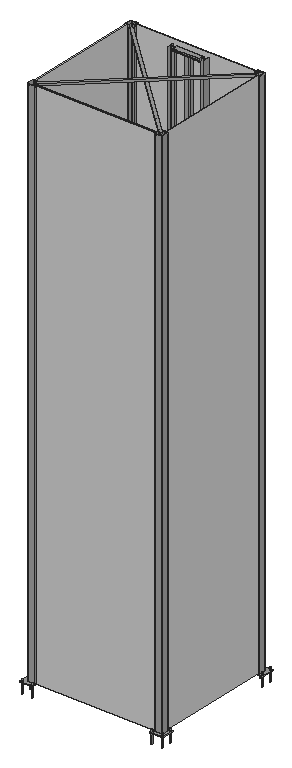
Revit family "1SE_Trez_TC_T_1500_With_Pit", category Specialty Equipment, Revit 2019
Family settings
  Round Connector Dimension = Use Diameter
  Part Type = Normal
  Work Plane-Based = No
  Always vertical = Yes
  Cut with Voids When Loaded = Yes
  Shared = No
  Room Calculation Point = No
Parameters (values of type "Platform-1700x1300mm with Door Height 2500mm")
  Side Clearance = 105.0 mm  # constant formula
  Safe Working Load = 1500.00 kg  # constant formula
  Safe Space = if(Cabin or Platform = Cabin, 900.0 mm, if(and(Cabin or Platform = Platform, Door Clear Height > 1900.0 mm), 600.0 mm, 0.0 mm))  # 600.0 mm
  Platform = Speciality_Equipment_Trez_Platform_Sgl_C : Platform
  Door Clear Width = Real Width  # 1700.0 mm
  Door Clear Height = 2500.0 mm
  D-Side = yes
  Clear Width = 1700.0 mm
  URL = "https://trez.bg/en/products/goods-only-lift-tc/tc-t-tower/"
  Tower Width = Real Width + 2 * Side Clearance  # 1910.0 mm
  Tower Depth = Real Depth + Side Clearance + Clearance  # 1830.0 mm
  Tower Cladding Material = TREZ_Steel_Cladding
  Real Width = if(Clear Width < 850.0 mm, 850.0 mm, if(Clear Width > 1700.0 mm, 1700.0 mm, Clear Width))  # 1700.0 mm
  Real Depth = if(Clear Depth < 850.0 mm, 850.0 mm, if(Clear Depth > 1300.0 mm, 1300.0 mm, Clear Depth))  # 1300.0 mm
  Profiles Material = TREZ_Steel
  Platform Material = TREZ_Steel
  Pit Height = 150.0 mm  # constant formula
  Travel = 4500.0 mm
  Rail Height = Travel + Pit Height + Headroom  # 7750.0 mm
  Model = "TC T 1500"
  Manufacturer = "TREZ Ltd."
  Headroom = Door Clear Height + Safe Space  # 3100.0 mm
  Description = "TC T is the best choice when the budget is small, but the safety requirements are high. TC T is not fixed forever to the building. It can be installed directly on the ground floor and later dismounted and installed in another place. The TC T complies with the machinery directive 2006/42/EC. From the menu below, you can choose the lift and the tower options to fit perfectly for your project."  # constant formula
  Clear Depth = 1300.0 mm
  Created By URL = "https://all1studio.com/"
  Created By = "All 1 Studio Ltd."
  Clearance = 425.0 mm  # constant formula
  Cabin or Platform = Speciality_Equipment_Trez_Platform_Sgl_C : Platform
  Cabin = Speciality_Equipment_Trez_Cabin_Sgl_C : Cabin
  C-Side = 1 = 1  # yes
  B-Side = yes
  A-Side = no
Reference planes
  plane 1 "Center (Front/Back)": y = 0
  plane 2: z = 0
  plane 3 "Center (Left/Right)": x = 0
  plane 4: x = -850
  plane 5: x = 850
  plane 6: y = 650
  plane 7: y = -650
  plane 8: x = 955
  plane 9: y = 1075
  plane 10: x = -955
  plane 11: y = -755
  plane 12: x = 900
  plane 13: x = -900
  plane 14: y = 1020
  plane 15: y = -700
  plane 16: z = 4500
  plane 17 "Top of Lift": z = 7600
  plane 18 "Pit": z = -150
  plane 19: x = -908.5
  plane 20: x = 908.5
  plane 21: x = -939.032
  plane 22: x = -921.032
  plane 23: y = 1059
  plane 24: y = 1041
  plane 25: x = 939
  plane 26: x = 921
  plane 27: y = -739
  plane 28: y = -721
  plane 29: x = -1015
  plane 30: y = 1135
  plane 31: x = 1015
  plane 32: y = -815
  plane 33: z = 7540
  plane 34: z = 40
  plane 35: z = -145
  plane 36: y = 888.5
  plane 37: y = 1285
  plane 38: x = -850
  plane 39: y = -650
  plane 40: x = 850
  plane 41: y = 970
Forms (mm)
  Extrusion 1, solid, material "TREZ_Steel_Cladding" <- "Tower Cladding Material", detail levels coarse+medium
    sketch origin (0, 0, 0) x (1, 0, 0) y (0, 1, 0)
      loop
        line (-955, -755) -> (-850, -755) -> (-850, -739) -> (850, -739) -> (850, -755) -> (955, -755) -> (955, -650) -> (939, -650) -> (939, 970) -> (955, 970) -> (955, 1075) -> (850, 1075) -> (850, 1059) -> (-850, 1059) -> (-850, 1075) -> (-955, 1075) -> (-955, 970) -> (-939.032, 970) -> (-939.032, -650) -> (-955, -650) -> (-955, -755)
      loop
        line (-900, -700) -> (-850, -700) -> (-850, -721) -> (850, -721) -> (850, -700) -> (900, -700) -> (900, -650) -> (921, -650) -> (921, 970) -> (900, 970) -> (900, 1020) -> (850, 1020) -> (850, 1041) -> (-850, 1041) -> (-850, 1020) -> (-900, 1020) -> (-900, 970) -> (-921.032, 970) -> (-921.032, -650) -> (-900, -650) -> (-900, -700)
    from 0 to 7600
  Extrusion 2, void
    sketch origin (0, 0, 0) x (1, 0, 0) y (0, 1, 0)
      loop
        line (-900, 1020) -> (-900, -700) -> (900, -700) -> (900, 1020) -> (-900, 1020)
    from 0 to -150
  Extrusion 3, solid, material "TREZ_Steel" <- "Profiles Material", detail levels fine
    sketch origin (0, 0, 0) x (1, 0, 0) y (0, 1, 0)
      loop
        arc (-955, -748) -> (-952.95, -752.95) -> (-948, -755) r 7
        line (-948, -755) -> (-857, -755)
        arc (-857, -755) -> (-852.05, -752.95) -> (-850, -748) r 7
        line (-850, -748) -> (-850, -707)
        arc (-850, -707) -> (-852.05, -702.05) -> (-857, -700) r 7
        line (-857, -700) -> (-893, -700)
        arc (-893, -700) -> (-897.95, -697.95) -> (-900, -693) r 7
        line (-900, -693) -> (-900, -657)
        arc (-900, -657) -> (-902.05, -652.05) -> (-907, -650) r 7
        line (-907, -650) -> (-948, -650)
        arc (-948, -650) -> (-952.95, -652.05) -> (-955, -657) r 7
        line (-955, -657) -> (-955, -748)
      loop
        line (-853, -748) -> (-853, -707)
        arc (-853, -707) -> (-854.172, -704.172) -> (-857, -703) r 4
        line (-857, -703) -> (-893, -703)
        arc (-893, -703) -> (-900.071, -700.071) -> (-903, -693) r 10
        line (-903, -693) -> (-903, -657)
        arc (-903, -657) -> (-904.172, -654.172) -> (-907, -653) r 4
        line (-907, -653) -> (-948, -653)
        arc (-948, -653) -> (-950.828, -654.172) -> (-952, -657) r 4
        line (-952, -657) -> (-952, -748)
        arc (-952, -748) -> (-950.828, -750.828) -> (-948, -752) r 4
        line (-948, -752) -> (-857, -752)
        arc (-857, -752) -> (-854.172, -750.828) -> (-853, -748) r 4
      loop
        line (955, -748) -> (955, -657)
        arc (955, -657) -> (952.95, -652.05) -> (948, -650) r 7
        line (948, -650) -> (907, -650)
        arc (907, -650) -> (902.05, -652.05) -> (900, -657) r 7
        line (900, -657) -> (900, -693)
        arc (900, -693) -> (897.95, -697.95) -> (893, -700) r 7
        line (893, -700) -> (857, -700)
        arc (857, -700) -> (852.05, -702.05) -> (850, -707) r 7
        line (850, -707) -> (850, -748)
        arc (850, -748) -> (852.05, -752.95) -> (857, -755) r 7
        line (857, -755) -> (948, -755)
        arc (948, -755) -> (952.95, -752.95) -> (955, -748) r 7
      loop
        arc (853, -748) -> (854.172, -750.828) -> (857, -752) r 4
        line (857, -752) -> (948, -752)
        arc (948, -752) -> (950.828, -750.828) -> (952, -748) r 4
        line (952, -748) -> (952, -657)
        arc (952, -657) -> (950.828, -654.172) -> (948, -653) r 4
        line (948, -653) -> (907, -653)
        arc (907, -653) -> (904.172, -654.172) -> (903, -657) r 4
        line (903, -657) -> (903, -693)
        arc (903, -693) -> (900.071, -700.071) -> (893, -703) r 10
        line (893, -703) -> (857, -703)
        arc (857, -703) -> (854.172, -704.172) -> (853, -707) r 4
        line (853, -707) -> (853, -748)
      loop
        line (-955, 1068) -> (-955, 977)
        arc (-955, 977) -> (-952.95, 972.05) -> (-948, 970) r 7
        line (-948, 970) -> (-907, 970)
        arc (-907, 970) -> (-902.05, 972.05) -> (-900, 977) r 7
        line (-900, 977) -> (-900, 1013)
        arc (-900, 1013) -> (-897.95, 1017.95) -> (-893, 1020) r 7
        line (-893, 1020) -> (-857, 1020)
        arc (-857, 1020) -> (-852.05, 1022.05) -> (-850, 1027) r 7
        line (-850, 1027) -> (-850, 1068)
        arc (-850, 1068) -> (-852.05, 1072.95) -> (-857, 1075) r 7
        line (-857, 1075) -> (-948, 1075)
        arc (-948, 1075) -> (-952.95, 1072.95) -> (-955, 1068) r 7
      loop
        arc (-853, 1068) -> (-854.172, 1070.828) -> (-857, 1072) r 4
        line (-857, 1072) -> (-948, 1072)
        arc (-948, 1072) -> (-950.828, 1070.828) -> (-952, 1068) r 4
        line (-952, 1068) -> (-952, 977)
        arc (-952, 977) -> (-950.828, 974.172) -> (-948, 973) r 4
        line (-948, 973) -> (-907, 973)
        arc (-907, 973) -> (-904.172, 974.172) -> (-903, 977) r 4
        line (-903, 977) -> (-903, 1013)
        arc (-903, 1013) -> (-900.071, 1020.071) -> (-893, 1023) r 10
        line (-893, 1023) -> (-857, 1023)
        arc (-857, 1023) -> (-854.172, 1024.172) -> (-853, 1027) r 4
        line (-853, 1027) -> (-853, 1068)
      loop
        arc (955, 1068) -> (952.95, 1072.95) -> (948, 1075) r 7
        line (948, 1075) -> (857, 1075)
        arc (857, 1075) -> (852.05, 1072.95) -> (850, 1068) r 7
        line (850, 1068) -> (850, 1027)
        arc (850, 1027) -> (852.05, 1022.05) -> (857, 1020) r 7
        line (857, 1020) -> (893, 1020)
        arc (893, 1020) -> (897.95, 1017.95) -> (900, 1013) r 7
        line (900, 1013) -> (900, 977)
        arc (900, 977) -> (902.05, 972.05) -> (907, 970) r 7
        line (907, 970) -> (948, 970)
        arc (948, 970) -> (952.95, 972.05) -> (955, 977) r 7
        line (955, 977) -> (955, 1068)
      loop
        line (853, 1068) -> (853, 1027)
        arc (853, 1027) -> (854.172, 1024.172) -> (857, 1023) r 4
        line (857, 1023) -> (893, 1023)
        arc (893, 1023) -> (900.071, 1020.071) -> (903, 1013) r 10
        line (903, 1013) -> (903, 977)
        arc (903, 977) -> (904.172, 974.172) -> (907, 973) r 4
        line (907, 973) -> (948, 973)
        arc (948, 973) -> (950.828, 974.172) -> (952, 977) r 4
        line (952, 977) -> (952, 1068)
        arc (952, 1068) -> (950.828, 1070.828) -> (948, 1072) r 4
        line (948, 1072) -> (857, 1072)
        arc (857, 1072) -> (854.172, 1070.828) -> (853, 1068) r 4
    from 5 to 7600
  Extrusion 4, solid, material "TREZ_Steel_Cladding" <- "Tower Cladding Material", detail levels fine
    sketch origin (0, 0, 0) x (1, 0, 0) y (0, 1, 0)
      loop
        line (939, 970) -> (921, 970) -> (921, -650) -> (939, -650) -> (939, 970)
      loop
        line (850, 1059) -> (-850, 1059) -> (-850, 1041) -> (850, 1041) -> (850, 1059)
      loop
        line (850, -721) -> (-850, -721) -> (-850, -739) -> (850, -739) -> (850, -721)
      loop
        line (-921.032, -650) -> (-921.032, 970) -> (-939.032, 970) -> (-939.032, -650) -> (-921.032, -650)
    from 0 to 7600
  Extrusion 5, solid, material "TREZ_Steel" <- "Profiles Material", detail levels fine
    sketch origin (0, 0, 0) x (1, 0, 0) y (0, 1, 0)
      loop
        arc (-837, -815) -> (-832.05, -812.95) -> (-830, -808) r 7
        line (-830, -808) -> (-830, -755) -> (-850, -755) -> (-850, -700) -> (-900, -700) -> (-900, -650) -> (-955, -650) -> (-955, -630) -> (-1008, -630)
        arc (-1008, -630) -> (-1012.95, -632.05) -> (-1015, -637) r 7
        line (-1015, -637) -> (-1015, -808)
        arc (-1015, -808) -> (-1012.95, -812.95) -> (-1008, -815) r 7
        line (-1008, -815) -> (-837, -815)
      loop
        line (837, -815) -> (1008, -815)
        arc (1008, -815) -> (1012.95, -812.95) -> (1015, -808) r 7
        line (1015, -808) -> (1015, -637)
        arc (1015, -637) -> (1012.95, -632.05) -> (1008, -630) r 7
        line (1008, -630) -> (955, -630) -> (955, -650) -> (900, -650) -> (900, -700) -> (850, -700) -> (850, -755) -> (830, -755) -> (830, -808)
        arc (830, -808) -> (832.05, -812.95) -> (837, -815) r 7
      loop
        line (-837, 1135) -> (-1008, 1135)
        arc (-1008, 1135) -> (-1012.95, 1132.95) -> (-1015, 1128) r 7
        line (-1015, 1128) -> (-1015, 957)
        arc (-1015, 957) -> (-1012.95, 952.05) -> (-1008, 950) r 7
        line (-1008, 950) -> (-955, 950) -> (-955, 970) -> (-900, 970) -> (-900, 1020) -> (-850, 1020) -> (-850, 1075) -> (-830, 1075) -> (-830, 1128)
        arc (-830, 1128) -> (-832.05, 1132.95) -> (-837, 1135) r 7
      loop
        arc (837, 1135) -> (832.05, 1132.95) -> (830, 1128) r 7
        line (830, 1128) -> (830, 1075) -> (850, 1075) -> (850, 1020) -> (900, 1020) -> (900, 970) -> (955, 970) -> (955, 950) -> (1008, 950)
        arc (1008, 950) -> (1012.95, 952.05) -> (1015, 957) r 7
        line (1015, 957) -> (1015, 1128)
        arc (1015, 1128) -> (1012.95, 1132.95) -> (1008, 1135) r 7
        line (1008, 1135) -> (837, 1135)
    from 5 to 0
  Sweep 6, solid, material "TREZ_Steel" <- "Profiles Material", detail levels fine
    path origin (0, 0, 7600) x (-1, 0, 0) y (0, -1, 0)
      loop
        line (900, 700) -> (-900, -1020)
    profile origin (0, 160, 7600) x (-0.690858, 0.722991, 0) y (0, 0, 1)
      loop
        line (15, 0) -> (-15, 0) -> (-15, -30) -> (15, -30) -> (15, 0)
  Sweep 7, solid, material "TREZ_Steel" <- "Profiles Material", detail levels fine
    path origin (0, 0, 7600) x (-1, 0, 0) y (0, -1, 0)
      loop
        line (900, -1020) -> (-900, 700)
    profile origin (0, 160, 7600) x (0.690858, 0.722991, 0) y (0, 0, 1)
      loop
        line (-15, -60) -> (15, -60) -> (15, -30) -> (-15, -30) -> (-15, -60)
  Extrusion 8, void
    sketch origin (0, 0, 7600) x (-1, 0, 0) y (0, -1, 0)
      loop
        arc (907, -655) -> (902.05, -657.05) -> (900, -662) r 7
        line (900, -662) -> (900, -1013)
        arc (900, -1013) -> (897.95, -1017.95) -> (893, -1020) r 7
        line (893, -1020) -> (857, -1020)
        arc (857, -1020) -> (852.05, -1022.05) -> (850, -1027) r 7
        line (850, -1027) -> (850, -1068)
        arc (850, -1068) -> (852.05, -1072.95) -> (857, -1075) r 7
        line (857, -1075) -> (948, -1075)
        arc (948, -1075) -> (952.95, -1072.95) -> (955, -1068) r 7
        line (955, -1068) -> (955, -662)
        arc (955, -662) -> (952.95, -657.05) -> (948, -655) r 7
        line (948, -655) -> (907, -655)
      loop
        arc (-850, -1027) -> (-852.05, -1022.05) -> (-857, -1020) r 7
        line (-857, -1020) -> (-893, -1020)
        arc (-893, -1020) -> (-897.95, -1017.95) -> (-900, -1013) r 7
        line (-900, -1013) -> (-900, -662)
        arc (-900, -662) -> (-902.05, -657.05) -> (-907, -655) r 7
        line (-907, -655) -> (-948, -655)
        arc (-948, -655) -> (-952.95, -657.05) -> (-955, -662) r 7
        line (-955, -662) -> (-955, -1068)
        arc (-955, -1068) -> (-952.95, -1072.95) -> (-948, -1075) r 7
        line (-948, -1075) -> (-857, -1075)
        arc (-857, -1075) -> (-852.05, -1072.95) -> (-850, -1068) r 7
        line (-850, -1068) -> (-850, -1027)
      loop
        arc (-907, 615) -> (-902.05, 617.05) -> (-900, 622) r 7
        line (-900, 622) -> (-900, 693)
        arc (-900, 693) -> (-897.95, 697.95) -> (-893, 700) r 7
        line (-893, 700) -> (-857, 700)
        arc (-857, 700) -> (-852.05, 702.05) -> (-850, 707) r 7
        line (-850, 707) -> (-850, 748)
        arc (-850, 748) -> (-852.05, 752.95) -> (-857, 755) r 7
        line (-857, 755) -> (-948, 755)
        arc (-948, 755) -> (-952.95, 752.95) -> (-955, 748) r 7
        line (-955, 748) -> (-955, 622)
        arc (-955, 622) -> (-952.95, 617.05) -> (-948, 615) r 7
        line (-948, 615) -> (-907, 615)
      loop
        arc (900, 622) -> (902.05, 617.05) -> (907, 615) r 7
        line (907, 615) -> (948, 615)
        arc (948, 615) -> (952.95, 617.05) -> (955, 622) r 7
        line (955, 622) -> (955, 748)
        arc (955, 748) -> (952.95, 752.95) -> (948, 755) r 7
        line (948, 755) -> (857, 755)
        arc (857, 755) -> (852.05, 752.95) -> (850, 748) r 7
        line (850, 748) -> (850, 707)
        arc (850, 707) -> (852.05, 702.05) -> (857, 700) r 7
        line (857, 700) -> (893, 700)
        arc (893, 700) -> (897.95, 697.95) -> (900, 693) r 7
        line (900, 693) -> (900, 622)
    from -60 to 0
  Extrusion 9, solid, material "TREZ_Steel" <- "Profiles Material", detail levels fine
    sketch origin (0, 0, 0) x (1, 0, 0) y (0, 1, 0)
      loop
        circle (-990.697, -799.303) r 6
      loop
        circle (-845.697, -799.303) r 6
      loop
        circle (-990.697, -654.303) r 6
      loop
        circle (990.697, -799.303) r 6
      loop
        circle (845.697, -799.303) r 6
      loop
        circle (990.697, -654.303) r 6
      loop
        circle (-990.697, 1119.303) r 6
      loop
        circle (-845.697, 1119.303) r 6
      loop
        circle (-990.697, 974.303) r 6
      loop
        circle (990.697, 1119.303) r 6
      loop
        circle (845.697, 1119.303) r 6
      loop
        circle (990.697, 974.303) r 6
    from -145 to 40
Cuts and joins
  Extrusion 2 cuts Extrusion 1
  Extrusion 8 cuts Sweep 6
  Extrusion 8 cuts Sweep 7
  joined: Extrusion 5, Extrusion 9
Lines and regions (mm)
  symbolic lines, style "Profiles"
    curve 1: line (-955, 1075, 0) -> (-850, 1075, 0)
    curve 2: line (-850, 1075, 0) -> (-850, 1020, 0)
    curve 3: line (-850, 1020, 0) -> (-900, 1020, 0)
    curve 4: line (-900, 1020, 0) -> (-900, 970, 0)
    curve 5: line (-900, 970, 0) -> (-955, 970, 0)
    curve 6: line (-955, 970, 0) -> (-955, 1075, 0)
    curve 7: line (850, 1075, 0) -> (955, 1075, 0)
    curve 8: line (955, 1075, 0) -> (955, 970, 0)
    curve 9: line (955, 970, 0) -> (900, 970, 0)
    curve 10: line (900, 970, 0) -> (900, 1020, 0)
    curve 11: line (900, 1020, 0) -> (850, 1020, 0)
    curve 12: line (850, 1020, 0) -> (850, 1075, 0)
    curve 13: line (-955, -650, 0) -> (-900, -650, 0)
    curve 14: line (-900, -650, 0) -> (-900, -700, 0)
    curve 15: line (-900, -700, 0) -> (-850, -700, 0)
    curve 16: line (-850, -700, 0) -> (-850, -755, 0)
    curve 17: line (-850, -755, 0) -> (-955, -755, 0)
    curve 18: line (-955, -755, 0) -> (-955, -650, 0)
    curve 19: line (850, -700, 0) -> (900, -700, 0)
    curve 20: line (900, -700, 0) -> (900, -650, 0)
    curve 21: line (900, -650, 0) -> (955, -650, 0)
    curve 22: line (955, -650, 0) -> (955, -755, 0)
    curve 23: line (955, -755, 0) -> (850, -755, 0)
    curve 24: line (850, -700, 0) -> (850, -755, 0)
    curve 25: line (939, 970, 0) -> (921, 970, 0)
    curve 26: line (939, -650, 0) -> (939, 970, 0)
    curve 27: line (921, -650, 0) -> (939, -650, 0)
    curve 28: line (921, 970, 0) -> (921, -650, 0)
    curve 29: line (850, -721, 0) -> (-850, -721, 0)
    curve 30: line (850, -739, 0) -> (850, -721, 0)
    curve 31: line (-850, -739, 0) -> (850, -739, 0)
    curve 32: line (-850, -721, 0) -> (-850, -739, 0)
    curve 33: line (-921.032, -650, 0) -> (-939.032, -650, 0)
    curve 34: line (-921.032, 970, 0) -> (-921.032, -650, 0)
    curve 35: line (-939.032, 970, 0) -> (-921.032, 970, 0)
    curve 36: line (-939.032, -650, 0) -> (-939.032, 970, 0)
    curve 37: line (-850, 1041, 0) -> (850, 1041, 0)
    curve 38: line (-850, 1059, 0) -> (-850, 1041, 0)
    curve 39: line (850, 1059, 0) -> (-850, 1059, 0)
    curve 40: line (850, 1041, 0) -> (850, 1059, 0)
  symbolic lines, style "Platform"
    curve 41: line (-850, 650, 0) -> (850, 650, 0)
    curve 42: line (-850, -650, 0) -> (-850, 650, 0)
    curve 43: line (850, -650, 0) -> (-850, -650, 0)
    curve 44: line (850, 650, 0) -> (850, -650, 0)
    curve 45: line (-850, 650, 0) -> (850, -650, 0)
    curve 46: line (850, 650, 0) -> (-850, -650, 0)
  model lines, style "Profiles", detail levels coarse+medium
    curve 47: line (-900, 1020, 7600) -> (900, -700, 7600)
    curve 48: line (900, 1020, 7600) -> (-900, -700, 7600)
Dimensions and locks
  equal spacing: plane 4, plane 3 "Center (Left/Right)", plane 5
  "Real Width": plane 4 to plane 5
  equal spacing: plane 7, plane 1 "Center (Front/Back)", plane 6
  "Real Depth": plane 7 to plane 6
  "Side Clearance": plane 7 to plane 11
  locked: plane 12 to plane 8 at 55
  locked: plane 10 to plane 13 at 55
  locked: plane 14 to plane 9 at 55
  locked: plane 15 to plane 11 at 55
  "Travel": plane 16 to level
  "Pit Height": level to plane 18 "Pit"
  locked: plane 10 to plane 19 at 46.5
  locked: plane 20 to plane 8 at 46.5
  plane 10 to plane 21 to plane 22 = 15.968 mm locked, 18.0 mm locked
  plane 24 to plane 23 to plane 9 = 18.0 mm locked, 16.0 mm locked
  plane 26 to plane 25 to plane 8 = 18.0 mm locked, 16.0 mm locked
  plane 28 to plane 27 to plane 11 = 18.0 mm locked, 16.0 mm locked
  locked: plane 29 to plane 10 at 60
  locked: plane 9 to plane 30 at 60
  locked: plane 8 to plane 31 at 60
  locked: plane 11 to plane 32 at 60
  "Headroom": plane 17 "Top of Lift" to plane 16
  locked: plane 17 "Top of Lift" to plane 33 at 60
  locked: plane 34 to level at 40
  locked: level to plane 35 at 145
  "Clearance": plane 6 to plane 9
  locked: plane 36 to plane 9 at 186.5
  locked: plane 9 to plane 37 at 210
  "Side Clearance": plane 10 to plane 4
  "Side Clearance": plane 5 to plane 8
  locked: plane 10 to plane 38 at 105
  locked: plane 39 to plane 11 at 105
  locked: plane 40 to plane 8 at 105
  locked: plane 41 to plane 9 at 105
  plane 9 to plane 11 = 1830.0 mm
  plane 10 to plane 8 = 1910.0 mm
  aligned and locked: level to plane 2
  aligned and locked: plane 10 to Extrusion 1 sketch curve
  aligned and locked: plane 13 to Extrusion 1 sketch curve
  aligned and locked: plane 17 "Top of Lift" to Extrusion 1
  aligned and locked: plane 15 to Extrusion 2 sketch curve
  aligned and locked: plane 14 to Extrusion 2 sketch curve
  aligned and locked: Extrusion 2 to plane 18 "Pit"
  aligned and locked: plane 1 "Center (Front/Back)" to nested 1
  aligned and locked: plane 3 "Center (Left/Right)" to nested 1
  aligned and locked: plane 17 "Top of Lift" to Extrusion 3
  aligned and locked: Extrusion 4 sketch curve to plane 25
  aligned and locked: plane 26 to Extrusion 4 sketch curve
  aligned and locked: Extrusion 4 sketch curve to plane 23
  aligned and locked: plane 24 to Extrusion 4 sketch curve
  aligned and locked: plane 28 to Extrusion 4 sketch curve
  aligned and locked: Extrusion 4 sketch curve to plane 27
  aligned and locked: Extrusion 4 sketch curve to plane 22
  aligned and locked: plane 21 to Extrusion 4 sketch curve
  aligned and locked: plane 17 "Top of Lift" to Extrusion 4
  aligned and locked: plane 14 to Sweep 6 sketch curve
  aligned and locked: plane 12 to Sweep 6 sketch curve
  aligned and locked: plane 13 to Sweep 6 sketch curve
  aligned and locked: plane 15 to Sweep 6 sketch curve
  aligned and locked: plane 12 to Sweep 7 sketch curve
  aligned and locked: plane 15 to Sweep 7 sketch curve
  aligned and locked: plane 14 to Sweep 7 sketch curve
  aligned and locked: plane 13 to Sweep 7 sketch curve
  aligned and locked: plane 33 to Extrusion 8
  aligned and locked: plane 17 "Top of Lift" to Extrusion 8
  aligned and locked: Extrusion 9 to plane 35
  aligned and locked: plane 34 to Extrusion 9
  aligned and locked: plane 16 to nested 1
  aligned and locked: nested 3 to plane 3 "Center (Left/Right)"
  aligned and locked: plane 36 to nested 3
  aligned and locked: nested 2 to plane 3 "Center (Left/Right)"
  aligned and locked: nested 2 to plane 37
  aligned and locked: plane 4 to curve 42
  aligned and locked: Extrusion 4 sketch curve to plane 40
  aligned and locked: plane 13 to Extrusion 2 sketch curve
  aligned and locked: plane 12 to Extrusion 2 sketch curve
  aligned and locked: nested 3 to plane 18 "Pit"
Automatic sketch dimensions
  plane 9 to Extrusion 8 sketch curve = 0.0 mm  (x2)
  plane 14 to Extrusion 8 sketch curve = 0.0 mm  (x2)
  Extrusion 8 sketch curve to plane 13 = 0.0 mm  (x2)
  Extrusion 8 sketch curve to plane 10 = 0.0 mm  (x2)
  Extrusion 8 sketch curve to Extrusion 8 sketch curve = 7.0 mm  (x9)
  plane 13 to Extrusion 8 sketch curve = 43.0 mm
  Extrusion 8 sketch curve to Extrusion 8 sketch curve = 36.0 mm  (x2)
  plane 19 to Extrusion 8 sketch curve = 1.5 mm  (x2)
  plane 10 to Extrusion 8 sketch curve = 7.0 mm
  Extrusion 8 sketch curve to plane 6 = 12.0 mm
  Extrusion 8 sketch curve to plane 8 = 0.0 mm  (x2)
  Extrusion 8 sketch curve to plane 12 = 0.0 mm  (x2)
  Extrusion 8 sketch curve to plane 6 = 5.0 mm
  plane 8 to Extrusion 8 sketch curve = 7.0 mm  (x3)
  plane 20 to Extrusion 8 sketch curve = 1.5 mm  (x2)
  Extrusion 8 sketch curve to plane 14 = 7.0 mm
  Extrusion 8 sketch curve to plane 11 = 0.0 mm  (x2)
  Extrusion 8 sketch curve to plane 15 = 0.0 mm  (x2)
  plane 12 to Extrusion 8 sketch curve = 7.0 mm
  plane 11 to Extrusion 8 sketch curve = 7.0 mm  (x2)
  plane 12 to Extrusion 8 sketch curve = 43.0 mm
  Extrusion 8 sketch curve to plane 15 = 7.0 mm
  plane 7 to Extrusion 8 sketch curve = 35.0 mm  (x2)
  plane 13 to Extrusion 8 sketch curve = 50.0 mm
  plane 13 to Extrusion 8 sketch curve = 7.0 mm
  curve 47 to plane 12 = 0.0 mm
  curve 48 to plane 12 = 0.0 mm
  curve 48 to plane 13 = 0.0 mm
  curve 47 to plane 13 = 0.0 mm
  plane 14 to curve 48 = 0.0 mm
  plane 14 to curve 47 = 0.0 mm
  curve 48 to plane 15 = 0.0 mm
  curve 47 to plane 15 = 0.0 mm
  plane 17 "Top of Lift" to Sweep 6 sketch curve = 0.0 mm
  profile plane to Sweep 6 sketch curve = 15.0 mm
  Sweep 6 sketch curve to profile plane = 15.0 mm
  Sweep 6 sketch curve to Sweep 6 sketch curve = 30.0 mm
  profile plane to Sweep 7 sketch curve = 15.0 mm
  Sweep 7 sketch curve to profile plane = 15.0 mm
  Sweep 7 sketch curve to plane 17 "Top of Lift" = 60.0 mm
  Sweep 7 sketch curve to plane 17 "Top of Lift" = 30.0 mm
  Extrusion 3 sketch curve to Extrusion 3 sketch curve = 0.0 mm  (x48)
  Extrusion 3 sketch curve to plane 10 = 0.0 mm  (x2)
  Extrusion 3 sketch curve to plane 11 = 0.0 mm  (x2)
  plane 41 to Extrusion 3 sketch curve = 0.0 mm  (x2)
  plane 9 to Extrusion 3 sketch curve = 0.0 mm  (x2)
  plane 39 to Extrusion 3 sketch curve = 0.0 mm  (x2)
  Extrusion 3 sketch curve to plane 13 = 0.0 mm  (x2)
  plane 14 to Extrusion 3 sketch curve = 0.0 mm  (x2)
  Extrusion 3 sketch curve to plane 15 = 0.0 mm  (x2)
  Extrusion 3 sketch curve to plane 38 = 0.0 mm  (x2)
  Extrusion 3 sketch curve to plane 40 = 0.0 mm  (x2)
  Extrusion 3 sketch curve to plane 12 = 0.0 mm  (x2)
  Extrusion 3 sketch curve to plane 8 = 0.0 mm  (x2)
  Extrusion 3 sketch curve to Extrusion 3 sketch curve = 3.0 mm  (x2)
  plane 10 to Extrusion 3 sketch curve = 3.0 mm
  plane 10 to Extrusion 3 sketch curve = 7.0 mm  (x2)
  Extrusion 3 sketch curve to Extrusion 3 sketch curve = 4.0 mm  (x12)
  plane 19 to Extrusion 3 sketch curve = 1.5 mm  (x2)
  Extrusion 3 sketch curve to Extrusion 3 sketch curve = 7.0 mm  (x2)
  plane 13 to Extrusion 3 sketch curve = 7.0 mm
  Extrusion 3 sketch curve to plane 40 = 3.0 mm
  Extrusion 3 sketch curve to plane 40 = 7.0 mm
  plane 12 to Extrusion 3 sketch curve = 7.0 mm
  plane 20 to Extrusion 3 sketch curve = 1.5 mm  (x2)
  plane 8 to Extrusion 3 sketch curve = 7.0 mm
  plane 9 to curve 1 = 0.0 mm
  curve 1 to plane 10 = 0.0 mm
  curve 13 to plane 10 = 0.0 mm
  curve 35 to plane 21 = 0.0 mm
  curve 34 to plane 22 = 0.0 mm
  curve 5 to plane 13 = 0.0 mm
  curve 14 to plane 13 = 0.0 mm
  curve 16 to plane 15 = 0.0 mm
  curve 16 to plane 38 = 0.0 mm
  plane 23 to curve 38 = 0.0 mm
  curve 38 to plane 38 = 0.0 mm
  curve 32 to plane 27 = 0.0 mm
  curve 32 to plane 38 = 0.0 mm
  curve 1 to plane 38 = 0.0 mm
  curve 45 to plane 5 = 0.0 mm
  plane 24 to curve 40 = 0.0 mm
  curve 40 to plane 40 = 0.0 mm
  plane 9 to curve 7 = 0.0 mm
  curve 7 to plane 40 = 0.0 mm
  curve 24 to plane 11 = 0.0 mm
  curve 24 to plane 40 = 0.0 mm
  curve 29 to plane 28 = 0.0 mm
  curve 29 to plane 40 = 0.0 mm
  curve 19 to plane 12 = 0.0 mm
  curve 10 to plane 12 = 0.0 mm
  curve 25 to plane 26 = 0.0 mm
  curve 26 to plane 25 = 0.0 mm
  curve 22 to plane 8 = 0.0 mm
  curve 7 to plane 8 = 0.0 mm
  curve 16 to plane 11 = 0.0 mm
  curve 19 to plane 15 = 0.0 mm
  plane 39 to curve 13 = 0.0 mm
  plane 39 to curve 26 = 0.0 mm
  plane 39 to curve 33 = 0.0 mm
  plane 39 to curve 22 = 0.0 mm
  plane 41 to curve 25 = 0.0 mm
  plane 41 to curve 10 = 0.0 mm
  plane 41 to curve 36 = 0.0 mm
  plane 41 to curve 4 = 0.0 mm
  plane 14 to curve 12 = 0.0 mm
  plane 14 to curve 4 = 0.0 mm
  Extrusion 1 sketch curve to plane 10 = 0.0 mm
  Extrusion 1 sketch curve to plane 21 = 0.0 mm
  Extrusion 1 sketch curve to plane 22 = 0.0 mm
  Extrusion 1 sketch curve to plane 13 = 0.0 mm
  Extrusion 1 sketch curve to plane 15 = 0.0 mm  (x2)
  Extrusion 1 sketch curve to plane 38 = 0.0 mm  (x4)
  plane 24 to Extrusion 1 sketch curve = 0.0 mm
  Extrusion 1 sketch curve to plane 11 = 0.0 mm  (x2)
  plane 9 to Extrusion 1 sketch curve = 0.0 mm  (x2)
  Extrusion 1 sketch curve to plane 40 = 0.0 mm  (x4)
  plane 23 to Extrusion 1 sketch curve = 0.0 mm
  Extrusion 1 sketch curve to plane 12 = 0.0 mm  (x2)
  Extrusion 1 sketch curve to plane 26 = 0.0 mm
  Extrusion 1 sketch curve to plane 25 = 0.0 mm
  Extrusion 1 sketch curve to plane 8 = 0.0 mm  (x2)
  Extrusion 1 sketch curve to plane 27 = 0.0 mm
  Extrusion 1 sketch curve to plane 28 = 0.0 mm
  plane 39 to Extrusion 1 sketch curve = 0.0 mm  (x4)
  plane 41 to Extrusion 1 sketch curve = 0.0 mm  (x4)
  plane 14 to Extrusion 1 sketch curve = 0.0 mm  (x2)
  Extrusion 5 sketch curve to plane 29 = 0.0 mm  (x2)
  plane 30 to Extrusion 5 sketch curve = 0.0 mm  (x2)
  Extrusion 5 sketch curve to plane 32 = 0.0 mm  (x2)
  Extrusion 5 sketch curve to plane 10 = 0.0 mm  (x2)
  Extrusion 5 sketch curve to plane 13 = 0.0 mm  (x2)
  Extrusion 5 sketch curve to plane 11 = 0.0 mm  (x2)
  Extrusion 5 sketch curve to plane 38 = 0.0 mm  (x2)
  plane 14 to Extrusion 5 sketch curve = 0.0 mm  (x2)
  plane 9 to Extrusion 5 sketch curve = 0.0 mm  (x2)
  Extrusion 5 sketch curve to plane 40 = 0.0 mm  (x2)
  Extrusion 5 sketch curve to plane 15 = 0.0 mm  (x2)
  Extrusion 5 sketch curve to plane 12 = 0.0 mm  (x2)
  Extrusion 5 sketch curve to plane 8 = 0.0 mm  (x2)
  Extrusion 5 sketch curve to plane 31 = 0.0 mm  (x2)
  plane 39 to Extrusion 5 sketch curve = 0.0 mm  (x2)
  plane 41 to Extrusion 5 sketch curve = 0.0 mm  (x2)
  Extrusion 5 sketch curve to Extrusion 5 sketch curve = 7.0 mm  (x3)
  plane 29 to Extrusion 5 sketch curve = 7.0 mm  (x3)
  plane 38 to Extrusion 5 sketch curve = 13.0 mm  (x2)
  Extrusion 5 sketch curve to Extrusion 5 sketch curve = 20.0 mm  (x3)
  plane 40 to Extrusion 5 sketch curve = 20.0 mm
  plane 31 to Extrusion 5 sketch curve = 7.0 mm  (x4)
  Extrusion 5 sketch curve to plane 39 = 13.0 mm  (x2)
  plane 41 to Extrusion 5 sketch curve = 20.0 mm  (x2)
  plane 29 to Extrusion 9 sketch curve = 24.303 mm  (x4)
  plane 39 to Extrusion 9 sketch curve = 4.303 mm  (x2)
  Extrusion 9 sketch curve to plane 41 = 4.303 mm  (x2)
  plane 38 to Extrusion 9 sketch curve = 4.303 mm  (x2)
  plane 40 to Extrusion 9 sketch curve = 4.303 mm  (x2)
  plane 31 to Extrusion 9 sketch curve = 24.303 mm  (x4)
  plane 32 to Extrusion 9 sketch curve = 15.697 mm  (x4)
  plane 30 to Extrusion 9 sketch curve = 15.697 mm  (x4)
  Extrusion 4 sketch curve to plane 4 = 0.0 mm  (x2)
  Extrusion 4 sketch curve to plane 5 = 0.0 mm
  Extrusion 4 sketch curve to plane 7 = 0.0 mm  (x2)
  plane 41 to Extrusion 4 sketch curve = 0.0 mm  (x2)
  plane 6 to curve 46 = 0.0 mm
  curve 42 to plane 7 = 0.0 mm
  radius of Extrusion 9 sketch curve = 6.0 mm  (x12)
Nested families
  nested 1: "Speciality_Equipment_Trez_Platform_Sgl_C" at (0, 0, 4500), type <- "Cabin or Platform", type "Platform"
    with Width 1700.0 mm, Depth 1300.0 mm, D-Side yes, B-Side yes
  nested 2: "Electrical_Equpment_Trez_Cabinet" at (0, 1285, 0) x (-1, 0, 0) z (0, 0, 1), type "Cabinet"
  nested 3: "Generic_Model_Trez_Rails_Sgl_C" at (0, 888.5, -150) x (0, -1, 0) z (0, 0, 1), type "Rails"
    with Height 7750.0 mm
Definition of nested family "Speciality_Equipment_Trez_Platform_Sgl_C"
  Parameters (values of type "Platform")
    Width = 1300.0 mm
    Platform Material = none
    Depth = 1000.0 mm
    D-Side = no
    C-Side = yes
    B-Side = no
    A-Side = no
  Reference planes
    plane 1 "Center (Front/Back)": y = 0
    plane 2 "Bottom": z = 0
    plane 3 "Center (Left/Right)": x = 0
    plane 4: x = 650
    plane 5: x = -650
    plane 6: y = 500
    plane 7: y = -500
    plane 8: y = 535
    plane 9: z = -89
    plane 10: z = 709
    plane 11: x = -685
    plane 12: x = 685
    plane 13: y = -535
  Forms (mm)
    Extrusion 1, solid, material <- "Platform Material", visible <- "C-Side"
      sketch origin (0, 0, 0) x (1, 0, 0) y (0, 1, 0)
        loop
          line (-650, 535) -> (-650, 500) -> (650, 500) -> (650, 535) -> (-650, 535)
      from -89 to 709
    Extrusion 2, solid, material <- "Platform Material", detail levels coarse+medium
      sketch origin (0, 0, 0) x (1, 0, 0) y (0, 0, 1)
        loop
          line (-650, 0) -> (-650, -89) -> (650, -89) -> (650, 0) -> (-650, 0)
      from -500 to 500
    Extrusion 3, solid, material <- "Platform Material", detail levels fine
      sketch origin (0, 0, 0) x (1, 0, 0) y (0, 0, 1)
        loop
          line (-650, 0) -> (-650, -74)
          arc (-650, -74) -> (-645.607, -84.607) -> (-635, -89) r 15
          line (-635, -89) -> (635, -89)
          arc (635, -89) -> (645.607, -84.607) -> (650, -74) r 15
          line (650, -74) -> (650, 0) -> (-650, 0)
      from -500 to 500
    Extrusion 4, solid, material <- "Platform Material", visible <- "A-Side"
      sketch origin (0, -1035, 0) x (1, 0, 0) y (0, 1, 0)
        loop
          line (-650, 535) -> (-650, 500) -> (650, 500) -> (650, 535) -> (-650, 535)
      from -89 to 709
    Extrusion 5, solid, material <- "Platform Material", visible <- "D-Side"
      sketch origin (31.413, 20.624, 0) x (0, -1, 0) y (1, 0, 0)
        loop
          line (-514.376, 653.587) -> (-514.376, 618.587) -> (555.624, 618.587) -> (555.624, 653.587) -> (-514.376, 653.587)
      from -89 to 709
    Extrusion 6, solid, material <- "Platform Material", visible <- "B-Side"
      sketch origin (-1003.587, 20.624, 0) x (0, -1, 0) y (1, 0, 0)
        loop
          line (-514.376, 353.587) -> (-514.376, 318.587) -> (555.624, 318.587) -> (555.624, 353.587) -> (-514.376, 353.587)
      from -89 to 709
  Dimensions and locks
    equal spacing: plane 5, plane 3 "Center (Left/Right)", plane 4
    "Width": plane 5 to plane 4
    equal spacing: plane 7, plane 1 "Center (Front/Back)", plane 6
    "Depth": plane 6 to plane 7
    locked: plane 8 to plane 6 at 35
    locked: plane 2 "Bottom" to plane 9 at 89
    locked: plane 10 to plane 2 "Bottom" at 709
    locked: plane 11 to plane 5 at 35
    locked: plane 4 to plane 12 at 35
    locked: plane 13 to plane 7 at 35
    aligned and locked: level to plane 2 "Bottom"
    aligned and locked: Extrusion 1 sketch curve to plane 8
    aligned and locked: Extrusion 2 sketch curve to plane 2 "Bottom"
    aligned and locked: Extrusion 2 sketch curve to plane 9
    aligned and locked: plane 6 to Extrusion 2
    aligned and locked: plane 7 to Extrusion 2
    aligned and locked: Extrusion 3 sketch curve to plane 2 "Bottom"
    aligned and locked: Extrusion 3 sketch curve to plane 9
    aligned and locked: plane 7 to Extrusion 3
    aligned and locked: plane 6 to Extrusion 3
    aligned and locked: Extrusion 1 to plane 9
    aligned and locked: plane 5 to Extrusion 3
    aligned and locked: plane 5 to Extrusion 2
    aligned and locked: plane 5 to Extrusion 1
    aligned and locked: plane 4 to Extrusion 3
    aligned and locked: plane 4 to Extrusion 2
    aligned and locked: plane 4 to Extrusion 1
    aligned and locked: Extrusion 4 to plane 7
    aligned and locked: plane 13 to Extrusion 4
    aligned and locked: plane 4 to Extrusion 4
    aligned and locked: plane 5 to Extrusion 4
    aligned and locked: plane 12 to Extrusion 5
    aligned and locked: Extrusion 5 to plane 4
    aligned and locked: plane 8 to Extrusion 5
    aligned and locked: plane 13 to Extrusion 5
    aligned and locked: plane 11 to Extrusion 6
    aligned and locked: Extrusion 6 to plane 5
    aligned and locked: plane 8 to Extrusion 6
    aligned and locked: plane 13 to Extrusion 6
  Automatic sketch dimensions
    Extrusion 1 sketch curve to plane 5 = 0.0 mm
    Extrusion 1 sketch curve to plane 4 = 0.0 mm
    Extrusion 1 sketch curve to plane 6 = 0.0 mm
    plane 5 to Extrusion 2 sketch curve = 0.0 mm
    Extrusion 2 sketch curve to plane 4 = 0.0 mm
    plane 5 to Extrusion 3 sketch curve = 0.0 mm
    Extrusion 3 sketch curve to plane 4 = 0.0 mm
    Extrusion 3 sketch curve to plane 5 = 15.0 mm
    Extrusion 3 sketch curve to plane 4 = 15.0 mm
    Extrusion 4 sketch curve to plane 5 = 0.0 mm
    Extrusion 4 sketch curve to plane 4 = 0.0 mm
    plane 13 to Extrusion 4 sketch curve = 0.0 mm
    plane 7 to Extrusion 4 sketch curve = 0.0 mm
    plane 8 to Extrusion 5 sketch curve = 0.0 mm
    plane 13 to Extrusion 5 sketch curve = 0.0 mm
    Extrusion 5 sketch curve to plane 12 = 35.0 mm
    Extrusion 5 sketch curve to Extrusion 5 sketch curve = 35.0 mm
    plane 8 to Extrusion 6 sketch curve = 0.0 mm
    plane 13 to Extrusion 6 sketch curve = 0.0 mm
    Extrusion 6 sketch curve to plane 12 = 1370.0 mm
    Extrusion 6 sketch curve to Extrusion 6 sketch curve = 35.0 mm
Definition of nested family "Electrical_Equpment_Trez_Cabinet"
  Parameters (values of type "SE_Trez_Cabinet")
    Width = 584.0 mm
    Depth = 348.0 mm
    Cabinet Material = none
  Reference planes
    plane 1 "Center (Front/Back)": y = 0
    plane 2: z = 0
    plane 3 "Center (Left/Right)": x = 0
    plane 4: x = -292
    plane 5: x = 292
    plane 6: y = 174
    plane 7: y = -174
    plane 8: z = 100
    plane 9: z = 1000
    plane 10: x = -257
    plane 11: x = 257
  Forms (mm)
    Extrusion 1, solid, material <- "Cabinet Material", detail levels fine
      sketch origin (0, 0, 0) x (1, 0, 0) y (0, 1, 0)
        loop
          line (-292, 174) -> (-292, -174) -> (292, -174) -> (292, 174) -> (-292, 174)
      from 100 to 1000
    Extrusion 2, solid, material <- "Cabinet Material", detail levels fine
      sketch origin (0, 0, 0) x (1, 0, 0) y (0, 1, 0)
        loop
          line (-257, 174) -> (-292, 174) -> (-292, -174) -> (-257, -174) -> (-257, 174)
        loop
          line (257, 174) -> (257, -174) -> (292, -174) -> (292, 174) -> (257, 174)
      from 0 to 100
    Extrusion 3, solid, detail levels coarse+medium
      sketch origin (0, 0, 0) x (1, 0, 0) y (0, 1, 0)
        loop
          line (-292, 174) -> (-292, -174) -> (292, -174) -> (292, 174) -> (-292, 174)
      from 0 to 1000
  Lines and regions (mm)
    symbolic lines
      curve 1: line (-292, 174, 0) -> (292, 174, 0)
      curve 2: line (-292, -174, 0) -> (-292, 174, 0)
      curve 3: line (292, -174, 0) -> (-292, -174, 0)
      curve 4: line (292, 174, 0) -> (292, -174, 0)
  Dimensions and locks
    equal spacing: plane 4, plane 3 "Center (Left/Right)", plane 5
    "Width": plane 4 to plane 5
    equal spacing: plane 7, plane 1 "Center (Front/Back)", plane 6
    "Depth": plane 7 to plane 6
    plane 9 to plane 8 to plane 2 = 900.0 mm locked, 100.0 mm locked
    aligned and locked: level to plane 2
    aligned and locked: plane 6 to Extrusion 1 sketch curve
    aligned and locked: plane 4 to Extrusion 1 sketch curve
    aligned and locked: plane 7 to Extrusion 1 sketch curve
    aligned and locked: plane 5 to Extrusion 1 sketch curve
    aligned and locked: plane 9 to Extrusion 1
    aligned and locked: Extrusion 1 to plane 8
    aligned and locked: Extrusion 2 sketch curve to plane 6
    aligned and locked: plane 10 to Extrusion 2 sketch curve
    aligned and locked: Extrusion 2 sketch curve to Extrusion 1  (x4)
    aligned and locked: plane 6 to Extrusion 2 sketch curve
    aligned and locked: Extrusion 2 sketch curve to plane 11
    aligned and locked: plane 8 to Extrusion 2
    aligned and locked: Extrusion 2 to level
    aligned and locked: Extrusion 3 sketch curve to Extrusion 1  (x4)
    aligned and locked: Extrusion 3 to plane 2
    aligned and locked: plane 9 to Extrusion 3
    aligned and locked: curve 1 to Extrusion 1
    aligned and locked: curve 2 to Extrusion 1
    aligned and locked: curve 3 to Extrusion 1
    aligned and locked: curve 4 to Extrusion 1
Definition of nested family "Generic_Model_Trez_Rails_Sgl_C"
  Parameters (values of type "Rails")
    Profiles Material = none
    Height = 7720.0 mm
  Reference planes
    plane 1 "Center (Front/Back)": y = 0
    plane 2: z = 0
    plane 3 "Center (Left/Right)": x = 0
    plane 4: x = 87.2
    plane 5: x = -87.2
    plane 6: y = 350
    plane 7: y = -350
    plane 8: z = 7720
    plane 9: z = 15
    plane 10: z = 7685
    plane 11: z = -95
  Forms (mm)
    Extrusion 1, solid, material <- "Profiles Material", detail levels fine
      sketch origin (0, 0, 0) x (1, 0, 0) y (0, 1, 0)
        loop
          line (77.2, 350) -> (-77.2, 350)
          arc (-77.2, 350) -> (-84.271, 347.071) -> (-87.2, 340) r 10
          line (-87.2, 340) -> (-87.2, -340)
          arc (-87.2, -340) -> (-84.271, -347.071) -> (-77.2, -350) r 10
          line (-77.2, -350) -> (77.2, -350)
          arc (77.2, -350) -> (84.271, -347.071) -> (87.2, -340) r 10
          line (87.2, -340) -> (87.2, 340)
          arc (87.2, 340) -> (84.271, 347.071) -> (77.2, 350) r 10
      from 0 to 15
    Extrusion 2, solid, material <- "Profiles Material", detail levels fine
      sketch origin (0, 0, 0) x (1, 0, 0) y (0, 1, 0)
        loop
          line (-61.5, -260) -> (28.5, -260) -> (28.5, -252) -> (-3.5, -252)
          arc (-3.5, -252) -> (-7.036, -250.536) -> (-8.5, -247) r 5
          line (-8.5, -247) -> (-8.5, -185) -> (-24.5, -185) -> (-24.5, -247)
          arc (-24.5, -247) -> (-25.964, -250.536) -> (-29.5, -252) r 5
          line (-29.5, -252) -> (-61.5, -252) -> (-61.5, -260)
        loop
          line (-37.94, -40) -> (-1.94, -40)
          arc (-1.94, -40) -> (8.667, -35.607) -> (13.06, -25) r 15
          line (13.06, -25) -> (13.06, 25)
          arc (13.06, 25) -> (8.667, 35.607) -> (-1.94, 40) r 15
          line (-1.94, 40) -> (-37.94, 40) -> (-37.94, -40)
        loop
          line (-61.5, 260) -> (-61.5, 252) -> (-29.5, 252)
          arc (-29.5, 252) -> (-25.964, 250.536) -> (-24.5, 247) r 5
          line (-24.5, 247) -> (-24.5, 185) -> (-8.5, 185) -> (-8.5, 247)
          arc (-8.5, 247) -> (-7.036, 250.536) -> (-3.5, 252) r 5
          line (-3.5, 252) -> (28.5, 252) -> (28.5, 260) -> (-61.5, 260)
      from 15 to 7720
    Extrusion 3, solid, material <- "Profiles Material", detail levels fine
      sketch origin (0, 0, 0) x (1, 0, 0) y (0, 0, 1)
        loop
          line (-51.5, 7720) -> (-51.5, 7690)
          arc (-51.5, 7690) -> (-50.036, 7686.464) -> (-46.5, 7685) r 5
          line (-46.5, 7685) -> (13.5, 7685)
          arc (13.5, 7685) -> (17.036, 7686.464) -> (18.5, 7690) r 5
          line (18.5, 7690) -> (18.5, 7720) -> (-51.5, 7720)
      from -185 to 185
    Extrusion 4, solid, material <- "Profiles Material", detail levels coarse+medium
      sketch origin (0, 0, 0) x (1, 0, 0) y (0, 1, 0)
        loop
          line (87.2, 350) -> (-87.2, 350) -> (-87.2, -350) -> (87.2, -350) -> (87.2, 350)
      from 0 to 15
    Extrusion 5, solid, material <- "Profiles Material", detail levels coarse+medium
      sketch origin (0, 0, 0) x (1, 0, 0) y (0, 1, 0)
        loop
          line (28.5, -185) -> (-61.5, -185) -> (-61.5, -260) -> (28.5, -260) -> (28.5, -185)
        loop
          line (-37.94, -40) -> (13.06, -40) -> (13.06, 40) -> (-37.94, 40) -> (-37.94, -40)
        loop
          line (-61.5, 260) -> (-61.5, 185) -> (28.5, 185) -> (28.5, 260) -> (-61.5, 260)
      from 15 to 7720
    Extrusion 6, solid, material <- "Profiles Material", detail levels coarse+medium
      sketch origin (0, 0, 0) x (1, 0, 0) y (0, 0, 1)
        loop
          line (-51.5, 7720) -> (-51.5, 7690)
          arc (-51.5, 7690) -> (-50.036, 7686.464) -> (-46.5, 7685) r 5
          line (-46.5, 7685) -> (13.5, 7685)
          arc (13.5, 7685) -> (17.036, 7686.464) -> (18.5, 7690) r 5
          line (18.5, 7690) -> (18.5, 7720) -> (-51.5, 7720)
      from -260 to 260
    Extrusion 7, solid, material <- "Profiles Material", detail levels fine
      sketch origin (0, 0, 0) x (1, 0, 0) y (0, 1, 0)
        loop
          circle (46.2, 222.5) r 7.5
        loop
          circle (-43.8, 222.5) r 7.5
        loop
          circle (-43.8, 132.5) r 7.5
        loop
          circle (46.2, -222.5) r 7.5
        loop
          circle (-43.8, -222.5) r 7.5
        loop
          circle (-43.8, -132.5) r 7.5
        loop
          circle (-43.8, -80) r 7.5
        loop
          circle (-43.8, 80) r 7.5
        loop
          circle (46.2, 0.052) r 7.5
      from -95 to 0
  Cuts and joins
    joined: Extrusion 2, Extrusion 3
    joined: Extrusion 5, Extrusion 6
  Lines and regions (mm)
    symbolic lines
      curve 1: line (28.5, 185, 0) -> (-61.5, 185, 0)
      curve 2: line (28.5, 260, 0) -> (28.5, 185, 0)
      curve 3: line (-61.5, 260, 0) -> (28.5, 260, 0)
      curve 4: line (-61.5, 185, 0) -> (-61.5, 260, 0)
      curve 5: line (13.06, 40, 0) -> (-37.94, 40, 0)
      curve 6: line (13.06, -40, 0) -> (13.06, 40, 0)
      curve 7: line (-37.94, -40, 0) -> (13.06, -40, 0)
      curve 8: line (-37.94, 40, 0) -> (-37.94, -40, 0)
      curve 9: line (28.5, -185, 0) -> (-61.5, -185, 0)
      curve 10: line (28.5, -260, 0) -> (28.5, -185, 0)
      curve 11: line (-61.5, -260, 0) -> (28.5, -260, 0)
      curve 12: line (-61.5, -185, 0) -> (-61.5, -260, 0)
      curve 13: line (87.2, -350, 0) -> (-87.2, -350, 0)
      curve 14: line (87.2, 350, 0) -> (87.2, -350, 0)
      curve 15: line (-87.2, 350, 0) -> (87.2, 350, 0)
      curve 16: line (-87.2, -350, 0) -> (-87.2, 350, 0)
  Dimensions and locks
    equal spacing: plane 5, plane 3 "Center (Left/Right)", plane 4
    plane 5 to plane 4 = 174.4 mm
    equal spacing: plane 6, plane 1 "Center (Front/Back)", plane 7
    "Height": plane 8 to plane 2
    locked: plane 9 to plane 2 at 15
    locked: plane 8 to Extrusion 3 sketch curve at 35
    locked: plane 8 to plane 10 at 35
    locked: plane 2 to plane 11 at 95
    aligned and locked: level to plane 2
    aligned and locked: Extrusion 1 sketch curve to plane 6
    aligned and locked: plane 4 to Extrusion 1 sketch curve
    aligned and locked: Extrusion 1 sketch curve to plane 7
    aligned and locked: plane 5 to Extrusion 1 sketch curve
    aligned and locked: plane 8 to Extrusion 2
    aligned and locked: Extrusion 1 to plane 9
    aligned and locked: plane 9 to Extrusion 2
    aligned and locked: Extrusion 4 sketch curve to plane 6
    aligned and locked: plane 4 to Extrusion 4 sketch curve
    aligned and locked: Extrusion 4 sketch curve to plane 7
    aligned and locked: plane 5 to Extrusion 4 sketch curve
    aligned and locked: Extrusion 4 to plane 9
    aligned and locked: Extrusion 4 to plane 2
    aligned and locked: plane 8 to Extrusion 5
    aligned and locked: plane 8 to Extrusion 3 sketch curve
    aligned and locked: Extrusion 3 to Extrusion 5  (x2)
    aligned and locked: Extrusion 7 to plane 11
    aligned and locked: plane 2 to Extrusion 7
  Automatic sketch dimensions
    Extrusion 2 sketch curve to plane 5 = 25.7 mm  (x2)
    Extrusion 2 sketch curve to plane 3 "Center (Left/Right)" = 29.5 mm  (x2)
    Extrusion 2 sketch curve to Extrusion 2 sketch curve = 5.0 mm
    Extrusion 2 sketch curve to plane 3 "Center (Left/Right)" = 24.5 mm
    Extrusion 2 sketch curve to plane 3 "Center (Left/Right)" = 8.5 mm  (x2)
    Extrusion 2 sketch curve to plane 3 "Center (Left/Right)" = 3.5 mm  (x2)
    Extrusion 2 sketch curve to plane 3 "Center (Left/Right)" = 1.94 mm  (x2)
    Extrusion 2 sketch curve to Extrusion 2 sketch curve = 15.0 mm
    plane 3 "Center (Left/Right)" to Extrusion 2 sketch curve = 28.5 mm  (x2)
    plane 7 to Extrusion 2 sketch curve = 90.0 mm
    Extrusion 2 sketch curve to Extrusion 2 sketch curve = 8.0 mm  (x3)
    Extrusion 2 sketch curve to Extrusion 2 sketch curve = 62.0 mm  (x2)
    Extrusion 2 sketch curve to plane 1 "Center (Front/Back)" = 25.0 mm
    plane 6 to Extrusion 2 sketch curve = 165.0 mm
    Extrusion 2 sketch curve to Extrusion 2 sketch curve = 0.0 mm
    Extrusion 2 sketch curve to plane 3 "Center (Left/Right)" = 37.94 mm
    plane 1 "Center (Front/Back)" to Extrusion 2 sketch curve = 40.0 mm
    Extrusion 3 sketch curve to Extrusion 3 sketch curve = 5.0 mm  (x2)
    plane 3 "Center (Left/Right)" to Extrusion 3 sketch curve = 13.5 mm
    Extrusion 3 sketch curve to plane 5 = 40.7 mm
    Extrusion 1 sketch curve to plane 5 = 10.0 mm
    Extrusion 1 sketch curve to Extrusion 1 sketch curve = 10.0 mm
    Extrusion 1 sketch curve to plane 4 = 10.0 mm  (x2)
    Extrusion 6 sketch curve to plane 8 = 0.0 mm
    Extrusion 6 sketch curve to plane 10 = 0.0 mm
    plane 10 to Extrusion 6 sketch curve = 5.0 mm  (x2)
    Extrusion 6 sketch curve to plane 5 = 35.7 mm
    plane 3 "Center (Left/Right)" to Extrusion 6 sketch curve = 13.5 mm
    curve 16 to plane 5 = 0.0 mm
    curve 15 to plane 4 = 0.0 mm
    curve 13 to plane 7 = 0.0 mm
    plane 6 to curve 15 = 0.0 mm
    curve 3 to plane 5 = 25.7 mm
    curve 12 to plane 5 = 25.7 mm
    curve 5 to plane 3 "Center (Left/Right)" = 37.94 mm
    plane 3 "Center (Left/Right)" to curve 5 = 13.06 mm
    plane 3 "Center (Left/Right)" to curve 11 = 28.5 mm
    plane 3 "Center (Left/Right)" to curve 2 = 28.5 mm
    plane 7 to curve 11 = 90.0 mm
    curve 10 to curve 10 = 75.0 mm
    plane 1 "Center (Front/Back)" to curve 7 = 40.0 mm
    curve 5 to plane 1 "Center (Front/Back)" = 40.0 mm
    plane 6 to curve 2 = 165.0 mm
    curve 1 to curve 3 = 75.0 mm
    Extrusion 7 sketch curve to plane 5 = 43.4 mm  (x6)
    Extrusion 7 sketch curve to plane 4 = 41.0 mm  (x3)
    plane 7 to Extrusion 7 sketch curve = 127.5 mm
    Extrusion 7 sketch curve to Extrusion 7 sketch curve = 0.0 mm  (x2)
    Extrusion 7 sketch curve to Extrusion 7 sketch curve = 90.0 mm  (x2)
    plane 6 to Extrusion 7 sketch curve = 217.5 mm
    Extrusion 7 sketch curve to plane 1 "Center (Front/Back)" = 0.052 mm
    plane 1 "Center (Front/Back)" to Extrusion 7 sketch curve = 80.0 mm
    Extrusion 7 sketch curve to plane 1 "Center (Front/Back)" = 80.0 mm
    Extrusion 5 sketch curve to plane 5 = 25.7 mm  (x2)
    Extrusion 5 sketch curve to plane 3 "Center (Left/Right)" = 37.94 mm
    plane 3 "Center (Left/Right)" to Extrusion 5 sketch curve = 13.06 mm
    plane 3 "Center (Left/Right)" to Extrusion 5 sketch curve = 28.5 mm  (x2)
    plane 1 "Center (Front/Back)" to Extrusion 5 sketch curve = 40.0 mm
    Extrusion 5 sketch curve to plane 1 "Center (Front/Back)" = 40.0 mm
    Extrusion 5 sketch curve to Extrusion 5 sketch curve = 145.0 mm  (x2)
    Extrusion 5 sketch curve to Extrusion 5 sketch curve = 75.0 mm  (x2)
    radius of Extrusion 7 sketch curve = 7.5 mm  (x9)
